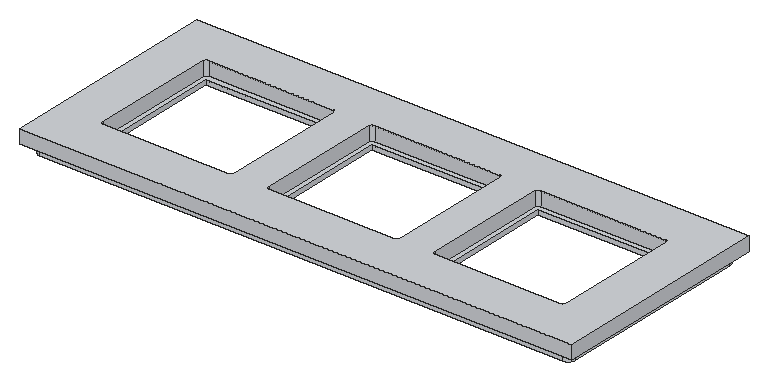
Revit family "Gira_0213226", category Electrical Fixtures, host Face, Revit 2017
Family settings
  Host = Face
  Maintain Annotation Orientation = No
  Round Connector Dimension = Use Diameter
  Part Type = Normal
  Cut with Voids When Loaded = No
  Shared = No
  Room Calculation Point = No
Parameters (values of type "Abdeckrahmen 3f Gira Esprit Lin.Mpx.Anthrazit")
  Werkstoffgüte = "sonstige"
  Werkstoff = "sonstige"
  URL = "http://katalog.gira.de/de_DE/datenblatt.html?artikelnr=0213226"
  Transparent = "No"
  Textfeld/Beschriftungsfläche = "No"
  Schutzart (IP) = "IP20"
  Region = "DE"
  Oberfläche = "sonstige"
  Name = "Abdeckrahmen 3f Gira Esprit Lin.Mpx.Anthrazit"
  Montagerichtung = "horizontal und vertikal"
  Mit Montagerahmen = "No"
  Mit Klappdeckel = "No"
  Manufacturer URL = "https://www.gira.de/"
  Keynote = "Espr._Rahmen_3fach"
  HeinzeBIM = "https://bimportal.heinze.de/bim/abdeckrahmen-3f-gira-esprit-lin-mpx-anthrazit/03c892136b9e9616b3138f08b412029184e51398"
  Halogenfrei = "No"
  HAN = "0213226"
  Geeignet für Unterputz-Installation = "Yes"
  Geeignet für Unterflurkanaldose = "No"
  Geeignet für Geräteeinbaukanal = "No"
  Geeignet für Einbauinstallation = "No"
  GTIN = "4010337015895"
  Farbe = "sonstige"
  Default Elevation = 1219.2 mm
  Data sheet (1) = "https://katalog.gira.de/de_DE/download.html?artikelnr=0213226"
  Category = "Abdeckrahmen"
  Befestigungsart = "Klemmbefestigung"
  Available = "Yes"
  Anzahl der Einheiten vertikal = "3 "
  Anzahl der Einheiten horizontal = "3 "
  Anzahl der Einheiten = "3 "
Reference planes
  plane 1 "Center (Front/Back)": y = 0
  plane 2: z = 0
  plane 3 "Center (Left/Right)": x = 0
Forms (mm)
  Extrusion 1, solid, detail levels fine
    sketch origin (0, 0, 0) x (1, 0, 0) y (0, 1, 0)
      loop
        line (-118.4, 47.5) -> (-118.4, -47.5) -> (118.4, -47.5) -> (118.4, 47.5) -> (-118.4, 47.5)
      loop
        arc (-99.5, -26.7) -> (-99.061, -27.761) -> (-98, -28.2) r 1.5
        line (-98, -28.2) -> (-44.6, -28.2)
        arc (-44.6, -28.2) -> (-43.539, -27.761) -> (-43.1, -26.7) r 1.5
        line (-43.1, -26.7) -> (-43.1, 26.7)
        arc (-43.1, 26.7) -> (-43.539, 27.761) -> (-44.6, 28.2) r 1.5
        line (-44.6, 28.2) -> (-98, 28.2)
        arc (-98, 28.2) -> (-99.061, 27.761) -> (-99.5, 26.7) r 1.5
        line (-99.5, 26.7) -> (-99.5, -26.7)
      loop
        arc (-28.2, -26.7) -> (-27.761, -27.761) -> (-26.7, -28.2) r 1.5
        line (-26.7, -28.2) -> (26.7, -28.2)
        arc (26.7, -28.2) -> (27.761, -27.761) -> (28.2, -26.7) r 1.5
        line (28.2, -26.7) -> (28.2, 26.7)
        arc (28.2, 26.7) -> (27.761, 27.761) -> (26.7, 28.2) r 1.5
        line (26.7, 28.2) -> (-26.7, 28.2)
        arc (-26.7, 28.2) -> (-27.761, 27.761) -> (-28.2, 26.7) r 1.5
        line (-28.2, 26.7) -> (-28.2, -26.7)
      loop
        arc (43.1, -26.7) -> (43.539, -27.761) -> (44.6, -28.2) r 1.5
        line (44.6, -28.2) -> (98, -28.2)
        arc (98, -28.2) -> (99.061, -27.761) -> (99.5, -26.7) r 1.5
        line (99.5, -26.7) -> (99.5, 26.7)
        arc (99.5, 26.7) -> (99.061, 27.761) -> (98, 28.2) r 1.5
        line (98, 28.2) -> (44.6, 28.2)
        arc (44.6, 28.2) -> (43.539, 27.761) -> (43.1, 26.7) r 1.5
        line (43.1, 26.7) -> (43.1, -26.7)
    from 0 to 6
  Extrusion 2, solid, detail levels fine
    sketch origin (0, 0, 0) x (1, 0, 0) y (0, 1, 0)
      loop
        line (-97.2, -25.7) -> (-45.4, -25.7) -> (-45.4, 25.7) -> (-97.2, 25.7) -> (-97.2, -25.7)
      loop
        line (97.2, 25.7) -> (45.4, 25.7) -> (45.4, -25.7) -> (97.2, -25.7) -> (97.2, 25.7)
      loop
        arc (-114.002, -41.3) -> (-113.474, -42.573) -> (-112.202, -43.1) r 1.8
        line (-112.202, -43.1) -> (112.202, -43.1)
        arc (112.202, -43.1) -> (113.474, -42.573) -> (114.002, -41.3) r 1.8
        line (114.002, -41.3) -> (114.002, 41.3)
        arc (114.002, 41.3) -> (113.474, 42.573) -> (112.202, 43.1) r 1.8
        line (112.202, 43.1) -> (-112.202, 43.1)
        arc (-112.202, 43.1) -> (-113.474, 42.573) -> (-114.002, 41.3) r 1.8
        line (-114.002, 41.3) -> (-114.002, -41.3)
      loop
        line (25.9, 25.7) -> (-25.9, 25.7) -> (-25.9, -25.7) -> (25.9, -25.7) -> (25.9, 25.7)
    from -1.9 to 0
  Extrusion 3, solid, detail levels fine
    sketch origin (0, 0, 0) x (1, 0, 0) y (0, 1, 0)
      loop
        arc (-112.3, 44.4) -> (-114.421, 43.521) -> (-115.3, 41.4) r 3
        line (-115.3, 41.4) -> (-115.3, -41.4)
        arc (-115.3, -41.4) -> (-114.421, -43.521) -> (-112.3, -44.4) r 3
        line (-112.3, -44.4) -> (112.3, -44.4)
        arc (112.3, -44.4) -> (114.421, -43.521) -> (115.3, -41.4) r 3
        line (115.3, -41.4) -> (115.3, 41.4)
        arc (115.3, 41.4) -> (114.421, 43.521) -> (112.3, 44.4) r 3
        line (112.3, 44.4) -> (-112.3, 44.4)
      loop
        arc (-114.1, -41.4) -> (-113.573, -42.673) -> (-112.3, -43.2) r 1.8
        line (-112.3, -43.2) -> (112.3, -43.2)
        arc (112.3, -43.2) -> (113.573, -42.673) -> (114.1, -41.4) r 1.8
        line (114.1, -41.4) -> (114.1, 41.4)
        arc (114.1, 41.4) -> (113.573, 42.673) -> (112.3, 43.2) r 1.8
        line (112.3, 43.2) -> (-112.3, 43.2)
        arc (-112.3, 43.2) -> (-113.573, 42.673) -> (-114.1, 41.4) r 1.8
        line (-114.1, 41.4) -> (-114.1, -41.4)
    from -3.7 to 0
  Extrusion 4, solid, detail levels medium
    sketch origin (0, 0, 0) x (1, 0, 0) y (0, 1, 0)
      loop
        line (-118.4, 47.5) -> (-118.4, -47.5) -> (118.4, -47.5) -> (118.4, 47.5) -> (-118.4, 47.5)
    from 0 to 6
  Extrusion 5, solid, detail levels medium
    sketch origin (0, 0, 0) x (1, 0, 0) y (0, 1, 0)
      loop
        line (-115.3, 44.4) -> (-115.3, -44.4) -> (115.3, -44.4) -> (115.3, 44.4) -> (-115.3, 44.4)
    from -3.7 to 0
  Extrusion 6, solid, detail levels coarse
    sketch origin (0, 0, 0) x (1, 0, 0) y (0, 1, 0)
      loop
        line (-118.4, 47.5) -> (-118.4, -47.5) -> (118.4, -47.5) -> (118.4, 47.5) -> (-118.4, 47.5)
    from -3.7 to 6
Dimensions and locks
  aligned and locked: plane 2 to host face
  aligned and locked: level to host face
